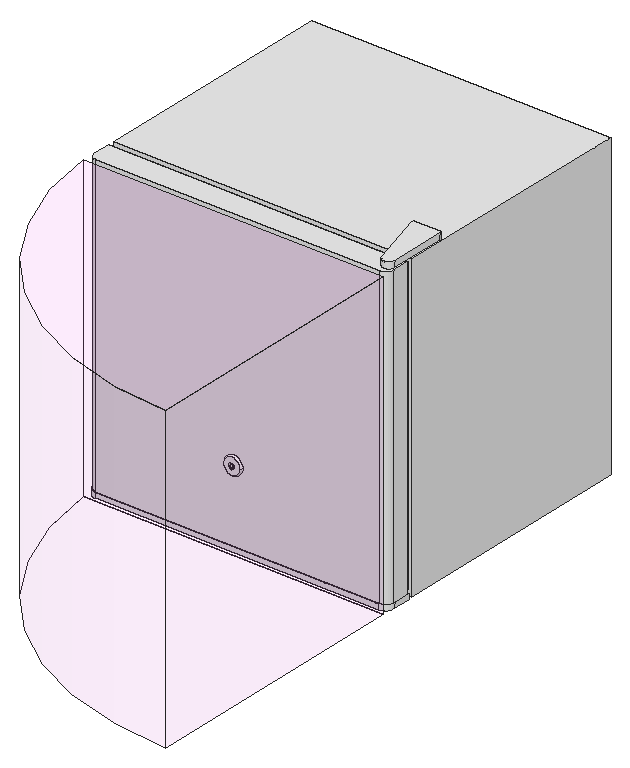
Revit family "Qf_Summit_FS24L_Compact All-Freezer", category Specialty Equipment, Revit 2020
Family settings
  Round Connector Dimension = Use Diameter
  Part Type = Normal
  Work Plane-Based = No
  Always vertical = Yes
  Cut with Voids When Loaded = No
  Shared = No
  Room Calculation Point = No
Parameters
  Weight in Pounds = 31
  Watts = FL Amps * Volts  # 92 W
  Volts = 115 V
  URL Cutsheet = ""
  Specification by User = ""
  Specification by Manufacturer = ""
  Show RHD [instance] = not(Show LHD)  # no
  Show LHD [instance] = yes
  Show Clearance [instance] = yes
  Serial Number = ""
  Seismic Rating = ""
  SMACNA No = ""
  Revision Code = ""
  Refrigerant Volume = 0.00 kip
  Refrigerant Type = "R600a"
  Phase = 1
  Number of Poles = 1
  NAFEM Spec ID Number = ""
  Model = "FS24L"
  Min Ckt Ampacity = 0 A
  Max Overcurrent Protection = 0 A
  Masterspec = ""
  Manufacturer = "Summit"
  Length = 18 1/2"
  Item Number = ""
  Installed By = ""
  Identify Quantity as Lot = yes
  Height = 19 5/8"
  HP = ""
  Furnished By = ""
  Foodservice Equipment Identifier = yes
  FL Amps = 0.8 A
  Electrical Remarks = ""
  Electric Connection Type = ""
  Elec Conn RI Height = 0"
  Elec Conn Connection Height = 0"
  Description = "Compact All-Freezer"
  Depth = 17.62745"
  Default Elevation = 0"
  Cycle = 60 Hz
  Conn Plug = ""
  Conn Conduit = yes
  CSI MasterFormat = ""
  Apparent Power = 828 VA
Reference planes (in)
  plane 1: z = 0
  plane 2 "LEFT": x = 0
  plane 3 "RIGHT": x = 18.5
  plane 4 "FRONT": y = -18.37745
  plane 5 "TOP": z = 19.625
  plane 6 "Center Y": x = 9.25
  plane 7 "Center X": y = -9.56373
  plane 8 "BACK": y = -0.75
  plane 9: z = 0.875
  plane 10: y = -22.625
  plane 11: y = -4.75
  plane 12: y = -16.125
  plane 13: y = -16.499
  plane 14: x = 14.5625
  plane 15: y = -35.249
  plane 16: z = 20
  plane 17: x = -0.0625
  plane 18: x = 18.5625
Forms (in)
  Extrusion 1, solid, material "QF_Metallic_Paint_White_Smooth"
    sketch origin (0, 0, 0) x (1, 0, 0) y (0, 1, 0)
      loop
        line (0, -16.125) -> (18.5, -16.125) -> (18.5, -0.75) -> (0, -0.75) -> (0, -16.125)
    from 0.875 to 19.625
  Extrusion 2, solid, material "QF_Plastic_Dark_Grey"
    sketch origin (0, 0, 0) x (1, 0, 0) y (0, 1, 0)
      loop
        line (0.25, -16.125) -> (0.25, -16.499) -> (18.25, -16.499) -> (18.25, -16.125) -> (0.25, -16.125)
    from 1.1875 to 19.39283
  Extrusion 3, solid, material "QF_Metallic_Paint_White_Smooth"
    sketch origin (0, 0, 0) x (1, 0, 0) y (0, 1, 0)
      loop
        line (18.5, -16.499) -> (0, -16.499) -> (0, -17.54048)
        arc (0, -17.54048) -> (0.1331, -17.88016) -> (0.46155, -18.039) r 0.5
        arc (0.46155, -18.039) -> (9.25, -18.37745) -> (18.03845, -18.039) r 114.27083
        arc (18.03845, -18.039) -> (18.3669, -17.88016) -> (18.5, -17.54048) r 0.5
        line (18.5, -17.54048) -> (18.5, -16.499)
    from 0.875 to 19.625
  Extrusion 4, solid, material "QF_Metallic_Paint_White_Smooth", visible <- "Show LHD"
    sketch origin (0, 0, 0) x (1, 0, 0) y (0, 1, 0)
      loop
        arc (16.74919, -13.65405) -> (16.64889, -13.70445) -> (16.62947, -13.81501) r 0.125
        line (16.62947, -13.81501) -> (17.63918, -17.38121)
        arc (17.63918, -17.38121) -> (18.05157, -17.65049) -> (18.375, -17.27905) r 0.375
        line (18.375, -17.27905) -> (18.375, -13.77905)
        arc (18.375, -13.77905) -> (18.33839, -13.69067) -> (18.25, -13.65405) r 0.125
        line (18.25, -13.65405) -> (16.74919, -13.65405)
    from 19.625 to 20
  Extrusion 5, solid, material "QF_Metallic_Paint_White_Smooth"
    sketch origin (0, 0, 0) x (1, 0, 0) y (0, 1, 0)
      loop
        arc (-0.0625, -17.54048) -> (0.08724, -17.92262) -> (0.45674, -18.10131) r 0.5625
        arc (0.45674, -18.10131) -> (9.25, -18.43995) -> (18.04326, -18.10131) r 114.33333
        arc (18.04326, -18.10131) -> (18.41276, -17.92262) -> (18.5625, -17.54048) r 0.5625
        line (18.5625, -17.54048) -> (18.5625, -16.4365) -> (-0.0625, -16.4365) -> (-0.0625, -17.54048)
    from 0.875 to 1.1875
  Extrusion 6, void
    sketch origin (0, -0.75, 0) x (1, 0, 0) y (0, 0, 1)
      loop
        line (2.5, 16.625) -> (2.5, 3.25)
        arc (2.5, 3.25) -> (2.64645, 2.89645) -> (3, 2.75) r 0.5
        line (3, 2.75) -> (15.5625, 2.75)
        arc (15.5625, 2.75) -> (15.91605, 2.89645) -> (16.0625, 3.25) r 0.5
        line (16.0625, 3.25) -> (16.0625, 16.625)
        arc (16.0625, 16.625) -> (15.73126, 17.25537) -> (15.0625, 17.5) r 0.98932
        line (15.0625, 17.5) -> (3.375, 17.5)
        arc (3.375, 17.5) -> (2.75628, 17.24372) -> (2.5, 16.625) r 0.875
    from 2.125 to 15.375
  Blend 7, solid, material "QF_Metallic_Paint_White_Smooth"
    base sketch origin (0, -0.75, 0) x (1, 0, 0) y (0, 0, 1)
      loop
        circle (9.25, 5.91228) r 0.5625
    top sketch origin (0, -0.75, 0) x (1, 0, 0) y (0, 0, 1)
      loop
        circle (9.25, 5.91228) r 0.5
    from 17.62745 to 17.749
  Extrusion 8, void
    sketch origin (0, -18.499, 0) x (-1, 0, 0) y (0, 0, 1)
      loop
        circle (-9.25, 5.91228) r 0.1875
      loop
        circle (-9.25, 5.91228) r 0.0625
    from 0 to 0.1875
  Revolve 9, solid, material "QF_Plastic_Dark_Grey"
    sketch origin (0, -14.75, 0) x (1, 0, 0) y (0, 0, 1)
      loop
        line (1.5, 0) -> (1.875, 0) -> (1.875, 0.75) -> (2.0625, 0.75) -> (2.0625, 0.875) -> (1.5, 0.875) -> (1.5, 0)
      axis (1.5, 0) -> (1.5, 0.875)
    angle from 0 to 360
  Revolve 10, solid, material "QF_Plastic_Dark_Grey"
    sketch origin (18.5, -14.75, 0) x (-1, 0, 0) y (0, 0, -1)
      loop
        line (1.5, 0) -> (1.5, -0.875) -> (2.0625, -0.875) -> (2.0625, -0.75) -> (1.875, -0.75) -> (1.875, 0) -> (1.5, 0)
      axis (1.5, 0) -> (1.5, -0.875)
    angle from 0 to 360
  Revolve 11, solid, material "QF_Plastic_Dark_Grey"
    sketch origin (0, -2.00485, 0) x (1, 0, 0) y (0, 0, 1)
      loop
        line (1.5, 0) -> (1.875, 0) -> (1.875, 0.75) -> (2.0625, 0.75) -> (2.0625, 0.875) -> (1.5, 0.875) -> (1.5, 0)
      axis (1.5, 0) -> (1.5, 0.875)
    angle from 0 to 360
  Revolve 12, solid, material "QF_Plastic_Dark_Grey"
    sketch origin (18.5, -2.00485, 0) x (-1, 0, 0) y (0, 0, -1)
      loop
        line (1.5, 0) -> (1.5, -0.875) -> (2.0625, -0.875) -> (2.0625, -0.75) -> (1.875, -0.75) -> (1.875, 0) -> (1.5, 0)
      axis (1.5, 0) -> (1.5, -0.875)
    angle from 0 to 360
  Extrusion 13, solid, material "QF_Metallic_Paint_White_Smooth"
    sketch origin (0.0625, -0.75, 0) x (1, 0, 0) y (0, 0, 1)
      loop
        circle (14.5, 1.875) r 0.25
    from 0 to -0.11833
  Extrusion 14, solid, material "QF_Clearances_Door_Drawer", visible <- "Show LHD"
    sketch origin (0, 0, 0) x (1, 0, 0) y (0, 1, 0)
      loop
        arc (-0.0625, -18.37745) -> (5.96469, -30.43982) -> (18.5625, -35.24847) r 18.57811
        line (18.5625, -35.24847) -> (18.5625, -18.37745) -> (-0.0625, -18.37745)
    from 0.875 to 19.625
  Extrusion 15, solid, material "QF_Clearances_Door_Drawer", visible <- "Show RHD"
    sketch origin (18.5, 0, 0) x (-1, 0, 0) y (0, -1, 0)
      loop
        line (-0.0625, 18.37745) -> (18.5625, 18.37745) -> (18.5625, 35.24847)
        arc (18.5625, 35.24847) -> (5.96469, 30.43982) -> (-0.0625, 18.37745) r 18.57811
    from 0.875 to 19.625
  Extrusion 16, solid, material "QF_Metallic_Paint_White_Smooth", visible <- "Show RHD"
    sketch origin (18.5, 0, 0) x (-1, 0, 0) y (0, -1, 0)
      loop
        line (16.74919, 13.65405) -> (18.25, 13.65405)
        arc (18.25, 13.65405) -> (18.33839, 13.69067) -> (18.375, 13.77905) r 0.125
        line (18.375, 13.77905) -> (18.375, 17.27905)
        arc (18.375, 17.27905) -> (18.05157, 17.65049) -> (17.63918, 17.38121) r 0.375
        line (17.63918, 17.38121) -> (16.62947, 13.81501)
        arc (16.62947, 13.81501) -> (16.64889, 13.70445) -> (16.74919, 13.65405) r 0.125
    from 19.625 to 20
Cuts and joins
  Extrusion 6, Extrusion 8 cuts Extrusion 1
  joined: Extrusion 1, Extrusion 13
  Extrusion 8 cuts Blend 7
Lines and regions (in)
  symbolic lines
    curve 1: line (18.5, -0.75, 0) -> (0, -0.75, 0)
    curve 2: line (0, -0.75, 0) -> (0, -16.125, 0)
    curve 4: line (18.5, -16.125, 0) -> (18.5, -0.75, 0)
    curve 13: line (0, -16.499, 0) -> (0, -17.54048, 0)
    curve 14: arc (0, -17.54048, 0) -> (0.1331, -17.88016, 0) -> (0.46155, -18.039, 0) r 0.5
    curve 15: arc (0.46155, -18.039, 0) -> (9.25, -18.37745, 0) -> (18.03845, -18.039, 0) r 114.27083
    curve 16: arc (18.03845, -18.039, 0) -> (18.3669, -17.88016, 0) -> (18.5, -17.54048, 0) r 0.5
    curve 17: line (18.5, -17.54048, 0) -> (18.5, -16.499, 0)
    curve 19: line (0.25, -16.125, 0) -> (0.25, -16.499, 0)
  symbolic lines, visible <- "Show LHD"
    curve 3: line (0, -16.125, 0) -> (17.28351, -16.125, 0)
    curve 5: line (16.62947, -13.81501, 0) -> (17.63918, -17.38121, 0)
    curve 6: arc (17.63918, -17.38121, 0) -> (18.05157, -17.65049, 0) -> (18.375, -17.27905, 0) r 0.375
    curve 7: line (18.375, -17.27905, 0) -> (18.375, -13.77905, 0)
    curve 8: arc (18.375, -13.77905, 0) -> (18.33839, -13.69067, 0) -> (18.25, -13.65405, 0) r 0.125
    curve 9: line (18.25, -13.65405, 0) -> (16.74919, -13.65405, 0)
    curve 10: arc (16.74919, -13.65405, 0) -> (16.64889, -13.70445, 0) -> (16.62947, -13.81501, 0) r 0.125
    curve 11: line (18.375, -16.125, 0) -> (18.5, -16.125, 0)
    curve 12: line (18.5, -16.499, 0) -> (18.375, -16.499, 0)
    curve 18: line (17.3894, -16.499, 0) -> (0, -16.499, 0)
  symbolic lines, style "QF_Clearances_Door_Drawer", visible <- "Show LHD"
    curve 20: arc (-0.0625, -18.37745, 0) -> (0.97552, -23.01436, 0) -> (3.15582, -27.2363, 0) r 18.57811
    curve 21: line (18.5625, -18.37745, 0) -> (3.15582, -27.2363, 0)
  symbolic lines, visible <- "Show RHD"
    curve 22: line (1.87053, -13.81501, 0) -> (0.86082, -17.38121, 0)
    curve 23: arc (0.86082, -17.38121, 0) -> (0.44843, -17.65049, 0) -> (0.125, -17.27905, 0) r 0.375
    curve 24: line (0.125, -17.27905, 0) -> (0.125, -13.77905, 0)
    curve 25: arc (0.125, -13.77905, 0) -> (0.16161, -13.69067, 0) -> (0.25, -13.65405, 0) r 0.125
    curve 26: line (0.25, -13.65405, 0) -> (1.75081, -13.65405, 0)
    curve 27: arc (1.75081, -13.65405, 0) -> (1.85111, -13.70445, 0) -> (1.87053, -13.81501, 0) r 0.125
    curve 30: line (18.5, -16.125, 0) -> (1.21649, -16.125, 0)
    curve 31: line (0.125, -16.125, 0) -> (0, -16.125, 0)
    curve 32: line (0, -16.499, 0) -> (0.125, -16.499, 0)
    curve 33: line (1.1106, -16.499, 0) -> (18.5, -16.499, 0)
  symbolic lines, style "QF_Clearances_Door_Drawer", visible <- "Show RHD"
    curve 28: arc (18.5625, -18.37745, 0) -> (17.52448, -23.01436, 0) -> (15.34418, -27.2363, 0) r 18.57811
    curve 29: line (-0.0625, -18.37745, 0) -> (15.34418, -27.2363, 0)
Dimensions and locks (in)
  equal spacing: plane 2 "LEFT", plane 6 "Center Y", plane 3 "RIGHT"
  "Length": plane 2 "LEFT" to plane 3 "RIGHT"
  equal spacing: plane 4 "FRONT", plane 7 "Center X", plane 8 "BACK"
  "Height": plane 5 "TOP" to level
  plane 3 "RIGHT" to plane 2 "LEFT" = 18 1/2"
  plane 5 "TOP" to level = 19 5/8"  (x2)
  "Depth": plane 4 "FRONT" to plane 8 "BACK"
  plane 9 to level = 7/8"
  plane 10 to plane 4 "FRONT" = 4.24755"
  plane 12 to plane 8 "BACK" = 15 3/8"
  plane 15 to plane 8 "BACK" = 34.499"
  plane 16 to plane 5 "TOP" = 3/8"
  plane 14 to plane 18 = 4"
  aligned and locked: level to plane 1
  aligned and locked: Extrusion 4 to plane 5 "TOP"
  aligned and locked: Extrusion 4 to plane 16
  aligned and locked: plane 5 "TOP" to Extrusion 1
  aligned and locked: plane 9 to Extrusion 1
  aligned and locked: plane 5 "TOP" to Extrusion 3
  aligned and locked: plane 9 to Extrusion 3
  aligned and locked: plane 9 to Extrusion 5
  aligned and locked: plane 5 "TOP" to Extrusion 14
Automatic sketch dimensions
  Extrusion 1 sketch curve to plane 2 "LEFT" = 0"
  Extrusion 1 sketch curve to plane 3 "RIGHT" = 0"
  plane 12 to Extrusion 1 sketch curve = 0"
  plane 8 "BACK" to Extrusion 1 sketch curve = 0"
  plane 13 to Extrusion 2 sketch curve = 0"
  plane 12 to Extrusion 2 sketch curve = 0"
  plane 2 "LEFT" to Extrusion 2 sketch curve = 1/4"
  plane 3 "RIGHT" to Extrusion 2 sketch curve = 1/4"
  Extrusion 3 sketch curve to plane 2 "LEFT" = 0"
  Extrusion 3 sketch curve to plane 6 "Center Y" = 0"
  Extrusion 3 sketch curve to plane 3 "RIGHT" = 0"
  plane 13 to Extrusion 3 sketch curve = 0"
  plane 2 "LEFT" to Extrusion 3 sketch curve = 1/2"
  plane 3 "RIGHT" to Extrusion 3 sketch curve = 1/2"
  Extrusion 3 sketch curve to plane 4 "FRONT" = 0.83698"  (x2)
  Extrusion 3 sketch curve to plane 8 "BACK" = 96.64338"
  Extrusion 3 sketch curve to Extrusion 3 sketch curve = 0"
  plane 3 "RIGHT" to Extrusion 4 sketch curve = 1.87053"
  Extrusion 4 sketch curve to Extrusion 4 sketch curve = 0.11972"
  plane 3 "RIGHT" to Extrusion 4 sketch curve = 0.86082"
  Extrusion 4 sketch curve to Extrusion 4 sketch curve = 0.36082"
  plane 3 "RIGHT" to Extrusion 4 sketch curve = 1/4"
  plane 3 "RIGHT" to Extrusion 4 sketch curve = 1/8"
  plane 13 to Extrusion 4 sketch curve = 0.88221"
  Extrusion 4 sketch curve to plane 12 = 2.30999"
  Extrusion 4 sketch curve to Extrusion 4 sketch curve = 0.03596"
  Extrusion 5 sketch curve to plane 17 = 0"
  Extrusion 5 sketch curve to plane 6 "Center Y" = 0"
  Extrusion 5 sketch curve to plane 18 = 0"
  plane 2 "LEFT" to Extrusion 5 sketch curve = 1/2"
  plane 3 "RIGHT" to Extrusion 5 sketch curve = 1/2"
  Extrusion 5 sketch curve to plane 4 "FRONT" = 0.83698"  (x2)
  Extrusion 5 sketch curve to plane 13 = 1/16"
  Extrusion 5 sketch curve to plane 8 "BACK" = 96.64338"
  Extrusion 5 sketch curve to Extrusion 5 sketch curve = 0"
  plane 4 "FRONT" to Extrusion 14 sketch curve = 0"
  Extrusion 14 sketch curve to plane 17 = 0"
  Extrusion 14 sketch curve to plane 18 = 0"
  plane 3 "RIGHT" to Extrusion 14 sketch curve = 0.06294"
  Extrusion 14 sketch curve to plane 15 = 0.00053"
  plane 4 "FRONT" to Extrusion 15 sketch curve = 0"
  Extrusion 15 sketch curve to plane 18 = 0"
  Extrusion 15 sketch curve to plane 17 = 0"
  Extrusion 15 sketch curve to plane 2 "LEFT" = 0.06294"
  plane 15 to Extrusion 15 sketch curve = 0.00053"
  Extrusion 16 sketch curve to plane 2 "LEFT" = 1.87053"
  Extrusion 16 sketch curve to Extrusion 16 sketch curve = 0.11972"
  Extrusion 16 sketch curve to plane 2 "LEFT" = 0.86082"
  Extrusion 16 sketch curve to Extrusion 16 sketch curve = 0.36082"
  Extrusion 16 sketch curve to plane 2 "LEFT" = 1/4"
  Extrusion 16 sketch curve to plane 2 "LEFT" = 1/8"
  Extrusion 16 sketch curve to plane 13 = 0.88221"
  plane 12 to Extrusion 16 sketch curve = 2.30999"
  Extrusion 16 sketch curve to Extrusion 16 sketch curve = 0.03596"
  plane 4 "FRONT" to curve 29 = 0"
  curve 29 to plane 17 = 0"
  curve 2 to plane 2 "LEFT" = 0"
  curve 32 to plane 2 "LEFT" = 0"
  plane 12 to curve 31 = 0"
  plane 13 to curve 32 = 0"
  plane 13 to curve 33 = 0"
  plane 12 to curve 30 = 0"
  curve 15 to plane 6 "Center Y" = 0"
  curve 16 to plane 3 "RIGHT" = 0"
  curve 30 to plane 3 "RIGHT" = 0"
  plane 4 "FRONT" to curve 21 = 0"
  curve 21 to plane 18 = 0"
  plane 8 "BACK" to curve 4 = 0"
  plane 2 "LEFT" to curve 28 = 0.06294"
  plane 2 "LEFT" to curve 24 = 1/8"
  curve 25 to curve 26 = 1/8"
  curve 24 to curve 23 = 3/8"
  curve 14 to curve 23 = 0"
  curve 23 to curve 22 = 0.36082"
  curve 26 to curve 26 = 1.50081"
  curve 27 to curve 22 = 0.11972"
  plane 2 "LEFT" to curve 21 = 3.15582"
  plane 14 to curve 29 = 0.78168"
  plane 3 "RIGHT" to curve 5 = 1.87053"
  curve 10 to curve 9 = 0.11972"
  plane 3 "RIGHT" to curve 5 = 0.86082"
  curve 6 to curve 6 = 0.36082"
  curve 16 to curve 6 = 0"
  plane 3 "RIGHT" to curve 8 = 1/4"
  plane 3 "RIGHT" to curve 7 = 1/8"
  plane 3 "RIGHT" to curve 20 = 0.06294"
  curve 21 to plane 10 = 4.6113"
  curve 29 to plane 10 = 4.6113"
  curve 16 to plane 4 "FRONT" = 0.83698"
  curve 13 to plane 4 "FRONT" = 0.83698"
  curve 14 to curve 22 = 0.15926"
  curve 16 to curve 5 = 0.15926"
  curve 5 to plane 12 = 2.30999"
  curve 22 to plane 12 = 2.30999"
  curve 27 to curve 24 = 0.03596"
  curve 10 to curve 7 = 0.03596"
  curve 15 to plane 8 "BACK" = 96.64338"
  curve 31 to curve 19 = 1/8"
  curve 15 to curve 14 = 0"
  plane 2 "LEFT" to Extrusion 6 sketch curve = 2 1/2"
  Extrusion 6 sketch curve to Extrusion 6 sketch curve = 1/2"
  Extrusion 6 sketch curve to Extrusion 6 sketch curve = 7/8"
  plane 14 to Extrusion 6 sketch curve = 1/2"
  plane 14 to Extrusion 6 sketch curve = 0.51729"
  plane 14 to Extrusion 6 sketch curve = 1"
  Extrusion 6 sketch curve to Extrusion 6 sketch curve = 0.98271"
  Extrusion 6 sketch curve to plane 9 = 1 7/8"
  Extrusion 6 sketch curve to plane 5 "TOP" = 3.11416"
  Extrusion 6 sketch curve to Extrusion 6 sketch curve = 0.11416"
  Revolve 9 sketch curve to level = 0"
  Revolve 9 sketch curve to plane 9 = 0"  (x2)
  plane 2 "LEFT" to Revolve 9 sketch curve = 1 1/2"
  Revolve 9 sketch curve to Revolve 9 sketch curve = 3/8"
  Revolve 9 sketch curve to Revolve 9 sketch curve = 3/16"
  plane 9 to Revolve 9 sketch curve = 1/8"
  Revolve 9 sketch curve to Revolve 9 sketch curve = 0"
  Revolve 9 sketch curve to plane 9 = 1"
  Revolve 10 sketch curve to level = 0"
  Revolve 10 sketch curve to plane 9 = 0"  (x2)
  plane 3 "RIGHT" to Revolve 10 sketch curve = 1 1/2"
  Revolve 10 sketch curve to Revolve 10 sketch curve = 3/8"
  Revolve 10 sketch curve to Revolve 10 sketch curve = 3/16"
  plane 9 to Revolve 10 sketch curve = 1/8"
  Revolve 10 sketch curve to Revolve 10 sketch curve = 0"
  Revolve 10 sketch curve to Revolve 10 sketch curve = 1"
  Revolve 11 sketch curve to level = 0"
  Revolve 11 sketch curve to plane 9 = 0"  (x2)
  plane 2 "LEFT" to Revolve 11 sketch curve = 1 1/2"
  Revolve 11 sketch curve to Revolve 11 sketch curve = 3/8"
  Revolve 11 sketch curve to Revolve 11 sketch curve = 3/16"
  plane 9 to Revolve 11 sketch curve = 1/8"
  Revolve 11 sketch curve to Revolve 11 sketch curve = 0"
  Revolve 11 sketch curve to plane 9 = 1"
  Revolve 12 sketch curve to level = 0"
  Revolve 12 sketch curve to plane 9 = 0"  (x2)
  plane 3 "RIGHT" to Revolve 12 sketch curve = 1 1/2"
  Revolve 12 sketch curve to Revolve 12 sketch curve = 3/8"
  Revolve 12 sketch curve to Revolve 12 sketch curve = 3/16"
  plane 9 to Revolve 12 sketch curve = 1/8"
  Revolve 12 sketch curve to Revolve 12 sketch curve = 0"
  Revolve 12 sketch curve to plane 9 = 1"
Connectors (in)
  electrical at (14.5625, -0.63167, 1.875), driven by "Volts", driven by "Apparent Power"
    settings: on Extrusion 13, index 1, voltage 115 V, apparent load 828 VA, apparent load phase1 0 VA, apparent load phase2 0 VA, apparent load phase3 0 VA, power factor 1, load classification "Other", number of poles 1, system type 30, power factor state 1, is connector primary yes, connector utility no, sub classification motor no, connector description "Electrical Inlet"
